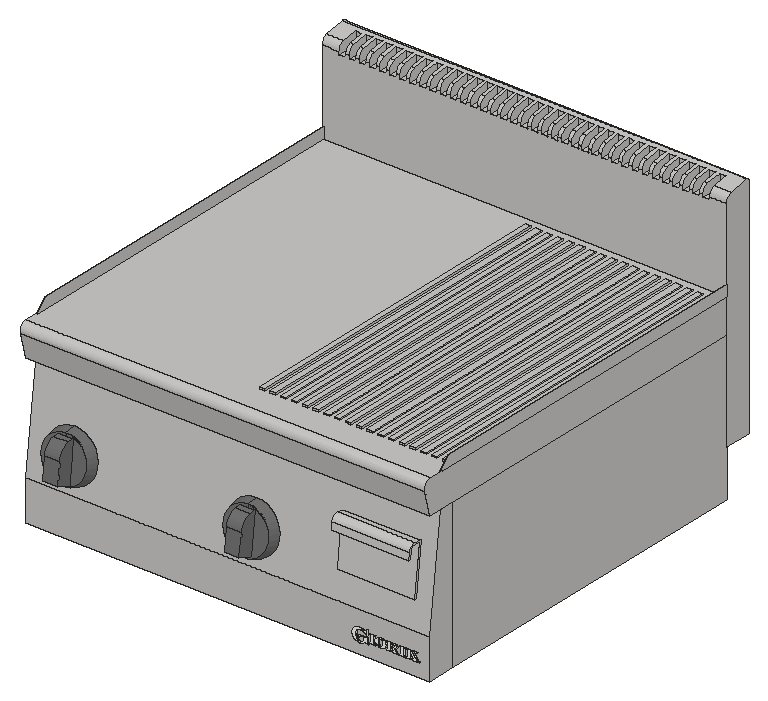
Revit family "QF_GIORIK_LGE6923", category Specialty Equipment, Revit 2014
Parameters (values of type "LGE6923")
  Weight in Pounds = 132.2772
  Watts = 7200 W
  Volts = 400 V
  URL Cutsheet = "www.giorik.com"
  URL = "www.giorik.com"
  Status [instance] = ""
  Specification by User [instance] = ""
  Specification by Manufacturer = ""
  Show Logo [instance] = yes
  Show Clearance [instance] = yes
  Serial Number = ""
  Seismic Rating = ""
  SMACNA No = ""
  Revision Code [instance] = ""
  Phase = 3
  Number of Poles [instance] = 3
  NAFEM Spec ID Number = ""
  Model = "LGE6923"
  Min Ckt Ampacity = 0 A
  Max Overcurrent Protection = 0 A
  Masterspec = ""
  Manufacturer = "GIORIK"
  Item Number [instance] = ""
  Installed By [instance] = ""
  Identify Quantity as Lot [instance] = no
  HP = "9.655344000000"
  Furnished By [instance] = ""
  Foodservice Equipment Identifier [instance] = yes
  FL Amps = 0 A
  Electrical Remarks [instance] = ""
  Electric Connection Type [instance] = ""
  Elec Conn RI Height [instance] = 0 mm
  Elec Conn Connection Height [instance] = 45 mm
  Description = "GRIDDLE SMOOTH RIBBED"
  Cycle = 50 Hz
  Conn Plug = ""
  CSI MasterFormat = ""
  Assembly Code = "E1090320"
  Apparent Power = 7200 VA
Reference planes
  plane 1 "Back": y = 0
  plane 2: z = 0
  plane 3 "Left": x = 0
  plane 4 "Right": x = 600
  plane 5 "Front": y = -600
  plane 6 "Top": z = 430
Forms (mm)
  Extrusion 1, solid
    sketch origin (0, 1000, -580) x (0, 1, 0) y (0, 0, 1)
      loop
        line (-1040.007, 869.975) -> (-1589.445, 869.975)
        arc (-1589.445, 869.975) -> (-1598.171, 865.672) -> (-1600.069, 856.13) r 10.999
        line (-1600.069, 856.13) -> (-1590.388, 820) -> (-1040.007, 820) -> (-1040.007, 869.975)
    from 0 to 600
  Extrusion 2, solid
    sketch origin (0, 0, -560) x (0, 1, 0) y (0, 0, 1)
      loop
        line (-570.06, 849.975) -> (-40.007, 849.975) -> (-40.007, 865.387) -> (-554.648, 865.387) -> (-570.06, 849.975)
    from 0 to 1.85
  Extrusion 3, solid
    sketch origin (0, 0, -560) x (0, 1, 0) y (0, 0, 1)
      loop
        line (-40.007, 800) -> (-550, 800) -> (-550, 580) -> (-40.007, 580) -> (-40.007, 800)
    from 0 to 600
  Extrusion 4, solid
    sketch origin (0, 0, -560) x (0, 1, 0) y (0, 0, 1)
      loop
        line (-550, 800) -> (-570.5, 800) -> (-590, 640) -> (-590, 580) -> (-550, 580) -> (-550, 800)
    from 0 to 600
  Revolve 5, solid
    sketch origin (75.155, 0.456, -560.03) x (0, 1, 0) y (0, 0, 1)
      loop
        line (-598.03, 706.389) -> (-594.27, 737.013) -> (-609.648, 734.852) -> (-613.772, 701.269) -> (-581.482, 697.305) -> (-580.629, 704.252) -> (-598.03, 706.389)
      axis (-581.482, 697.305) -> (-613.772, 701.269)
    angle from 0 to 360
  Extrusion 6, solid
    sketch origin (598.094, 0, -560) x (0, 1, 0) y (0, 0, 1)
      loop
        line (-570.06, 849.975) -> (-40.007, 849.975) -> (-40.007, 865.387) -> (-554.648, 865.387) -> (-570.06, 849.975)
    from -0.15 to 1.906
  Extrusion 7, solid
    sketch origin (0, 0, -560) x (0, 1, 0) y (0, 0, 1)
      loop
        line (-40.007, 974.217) -> (-40.007, 650.827) -> (0, 650.827) -> (0, 988.42)
        arc (0, 988.42) -> (-0.57, 989.648) -> (-1.878, 990) r 1.6
        line (-1.878, 990) -> (-31.072, 984.852)
        arc (-31.072, 984.852) -> (-37.477, 981.162) -> (-40.007, 974.217) r 10.797
    from 0 to 600
  Extrusion 8, solid
    sketch origin (-87.831, 0.456, -560.03) x (0, 1, 0) y (0, 0, 1)
      loop
        line (-635.843, 711.553) -> (-639.647, 680.575) -> (-617.415, 671.593) -> (-610.135, 730.882) -> (-617.934, 729.786)
        arc (-617.934, 729.786) -> (-629.982, 723.708) -> (-635.843, 711.553) r 20.998
    from 151.831 to 173.831
  Revolve 9, solid
    sketch origin (345.155, 0.456, -560.03) x (0, 1, 0) y (0, 0, 1)
      loop
        line (-598.03, 706.389) -> (-594.27, 737.013) -> (-609.648, 734.852) -> (-613.772, 701.269) -> (-581.482, 697.305) -> (-580.629, 704.252) -> (-598.03, 706.389)
      axis (-581.482, 697.305) -> (-613.772, 701.269)
    angle from 0 to 360
  Extrusion 10, solid
    sketch origin (182.169, 0.456, -560.03) x (0, 1, 0) y (0, 0, 1)
      loop
        line (-635.843, 711.553) -> (-639.647, 680.575) -> (-617.415, 671.593) -> (-610.135, 730.882) -> (-617.934, 729.786)
        arc (-617.934, 729.786) -> (-629.982, 723.708) -> (-635.843, 711.553) r 20.998
    from 151.831 to 173.831
  Extrusion 11, solid
    sketch origin (568.319, 0, -561) x (1, 0, 0) y (0, 0, 1)
      loop
        circle (-38.319, 606) r 12.5
    from 20.007 to 40.007
  Extrusion 12, solid, visible <- "Show Logo"
    sketch origin (391.604, -590.5, -6.113) x (-1, 0, 0) y (0, 0, 1)
      loop
        line (-118.824, 58.358) -> (-127.804, 58.358) -> (-125.523, 56.445) -> (-125.523, 48.027) -> (-127.804, 46.113) -> (-118.824, 46.113) -> (-121.105, 48.027) -> (-121.105, 56.445) -> (-118.824, 58.358)
      loop
        line (-163.721, 58.358) -> (-172.7, 58.358) -> (-170.42, 56.445) -> (-170.42, 48.027) -> (-172.7, 46.113) -> (-163.721, 46.113) -> (-166.001, 48.027) -> (-166.001, 56.445) -> (-163.721, 58.358)
      loop
        line (-174.332, 58.358) -> (-183.312, 58.358) -> (-181.031, 56.445) -> (-181.031, 52.435) -> (-186.419, 56.955) -> (-184.416, 58.358) -> (-191.268, 58.358) -> (-188.01, 56.839) -> (-185.455, 54.283) -> (-190.846, 47.858) -> (-193.396, 46.93) -> (-193.396, 46.113) -> (-184.416, 46.113) -> (-185.437, 47.571) -> (-182.443, 51.552) -> (-181.031, 50.894) -> (-181.031, 48.027) -> (-183.312, 46.113) -> (-174.332, 46.113) -> (-176.613, 48.027) -> (-176.613, 56.445) -> (-174.332, 58.358)
      loop
        line (-115.429, 62.063) -> (-115.429, 54.198)
        arc (-115.429, 54.198) -> (-111.618, 57.803) -> (-106.847, 59.986) r 16.039
        arc (-106.847, 59.986) -> (-103.314, 59.837) -> (-100.512, 57.68) r 5.851
        arc (-100.512, 57.68) -> (-98.815, 52.267) -> (-100.512, 46.853) r 9.479
        arc (-100.512, 46.853) -> (-102.406, 44.986) -> (-104.846, 43.93) r 7.236
        arc (-104.846, 43.93) -> (-107.728, 44.111) -> (-110.052, 45.825) r 5.11
        line (-110.052, 45.825) -> (-110.052, 52.001) -> (-116.141, 52.001) -> (-116.141, 45.503) -> (-117.893, 43.751) -> (-114.094, 44.769)
        arc (-114.094, 44.769) -> (-112.56, 44.947) -> (-111.129, 44.366) r 3.115
        arc (-111.129, 44.366) -> (-104.216, 42.091) -> (-97.303, 44.366) r 11.641
        arc (-97.303, 44.366) -> (-93.396, 52.107) -> (-97.303, 59.849) r 9.622
        arc (-97.303, 59.849) -> (-104.369, 62.174) -> (-111.435, 59.849) r 11.898
        line (-111.435, 59.849) -> (-115.429, 62.063)
      loop
        arc (-129.234, 56.068) -> (-135.893, 58.628) -> (-142.552, 56.068) r 9.941
        arc (-142.552, 56.068) -> (-144.234, 52.286) -> (-142.552, 48.505) r 5.093
        arc (-142.552, 48.505) -> (-135.893, 45.945) -> (-129.234, 48.505) r 9.941
        arc (-129.234, 48.505) -> (-127.552, 52.286) -> (-129.234, 56.068) r 5.093
      loop
        arc (-132.628, 54.403) -> (-135.893, 57.668) -> (-139.158, 54.403) r 3.265
        line (-139.158, 54.403) -> (-139.158, 50.169)
        arc (-139.158, 50.169) -> (-135.893, 46.904) -> (-132.628, 50.169) r 3.265
        line (-132.628, 50.169) -> (-132.628, 54.403)
      loop
        arc (-156.363, 58.365) -> (-159.647, 55.081) -> (-156.363, 51.796) r 3.285
        line (-156.363, 51.796) -> (-159.529, 47.306) -> (-162.087, 46.113) -> (-155.847, 46.113) -> (-153.529, 51.083) -> (-150.637, 51.083) -> (-150.637, 47.784) -> (-153.022, 46.113) -> (-144.011, 46.113) -> (-146.094, 47.68) -> (-146.094, 56.493) -> (-144.229, 58.365) -> (-156.363, 58.365)
      loop
        line (-150.637, 57.512) -> (-153.637, 57.512)
        arc (-153.637, 57.512) -> (-156.237, 54.912) -> (-153.637, 52.312) r 2.6
        line (-153.637, 52.312) -> (-150.637, 52.312) -> (-150.637, 57.512)
      loop
        line (-108.924, 52.001) -> (-104.936, 49.005) -> (-100.948, 52.001) -> (-108.924, 52.001)
    from 1.5 to -0.5
  Extrusion 13, void
    sketch origin (10, 0, 430) x (0, 1, 0) y (-1, 0, 0)
      loop
        line (-40.007, -25) -> (-9.931, -25) -> (-9.931, -15) -> (-40.007, -15) -> (-40.007, -25)
      loop
        line (-40.007, -40) -> (-9.931, -40) -> (-9.931, -30) -> (-40.007, -30) -> (-40.007, -40)
      loop
        line (-40.007, -55) -> (-9.931, -55) -> (-9.931, -45) -> (-40.007, -45) -> (-40.007, -55)
      loop
        line (-40.007, -70) -> (-9.931, -70) -> (-9.931, -60) -> (-40.007, -60) -> (-40.007, -70)
      loop
        line (-40.007, -85) -> (-9.931, -85) -> (-9.931, -75) -> (-40.007, -75) -> (-40.007, -85)
      loop
        line (-40.007, -100) -> (-9.931, -100) -> (-9.931, -90) -> (-40.007, -90) -> (-40.007, -100)
      loop
        line (-40.007, -115) -> (-9.931, -115) -> (-9.931, -105) -> (-40.007, -105) -> (-40.007, -115)
      loop
        line (-40.007, -130) -> (-9.931, -130) -> (-9.931, -120) -> (-40.007, -120) -> (-40.007, -130)
      loop
        line (-40.007, -145) -> (-9.931, -145) -> (-9.931, -135) -> (-40.007, -135) -> (-40.007, -145)
      loop
        line (-40.007, -160) -> (-9.931, -160) -> (-9.931, -150) -> (-40.007, -150) -> (-40.007, -160)
      loop
        line (-40.007, -175) -> (-9.931, -175) -> (-9.931, -165) -> (-40.007, -165) -> (-40.007, -175)
      loop
        line (-40.007, -190) -> (-9.931, -190) -> (-9.931, -180) -> (-40.007, -180) -> (-40.007, -190)
      loop
        line (-40.007, -205) -> (-9.931, -205) -> (-9.931, -195) -> (-40.007, -195) -> (-40.007, -205)
      loop
        line (-40.007, -220) -> (-9.931, -220) -> (-9.931, -210) -> (-40.007, -210) -> (-40.007, -220)
      loop
        line (-40.007, -235) -> (-9.931, -235) -> (-9.931, -225) -> (-40.007, -225) -> (-40.007, -235)
      loop
        line (-40.007, -250) -> (-9.931, -250) -> (-9.931, -240) -> (-40.007, -240) -> (-40.007, -250)
      loop
        line (-40.007, -265) -> (-9.931, -265) -> (-9.931, -255) -> (-40.007, -255) -> (-40.007, -265)
      loop
        line (-40.007, -280) -> (-9.931, -280) -> (-9.931, -270) -> (-40.007, -270) -> (-40.007, -280)
      loop
        line (-40.007, -295) -> (-9.931, -295) -> (-9.931, -285) -> (-40.007, -285) -> (-40.007, -295)
      loop
        line (-40.007, -310) -> (-9.931, -310) -> (-9.931, -300) -> (-40.007, -300) -> (-40.007, -310)
      loop
        line (-40.007, -325) -> (-9.931, -325) -> (-9.931, -315) -> (-40.007, -315) -> (-40.007, -325)
      loop
        line (-40.007, -340) -> (-9.931, -340) -> (-9.931, -330) -> (-40.007, -330) -> (-40.007, -340)
      loop
        line (-40.007, -355) -> (-9.931, -355) -> (-9.931, -345) -> (-40.007, -345) -> (-40.007, -355)
      loop
        line (-40.007, -370) -> (-9.931, -370) -> (-9.931, -360) -> (-40.007, -360) -> (-40.007, -370)
      loop
        line (-40.007, -385) -> (-9.931, -385) -> (-9.931, -375) -> (-40.007, -375) -> (-40.007, -385)
      loop
        line (-40.007, -400) -> (-9.931, -400) -> (-9.931, -390) -> (-40.007, -390) -> (-40.007, -400)
      loop
        line (-40.007, -415) -> (-9.931, -415) -> (-9.931, -405) -> (-40.007, -405) -> (-40.007, -415)
      loop
        line (-40.007, -430) -> (-9.931, -430) -> (-9.931, -420) -> (-40.007, -420) -> (-40.007, -430)
      loop
        line (-40.007, -445) -> (-9.931, -445) -> (-9.931, -435) -> (-40.007, -435) -> (-40.007, -445)
      loop
        line (-40.007, -460) -> (-9.931, -460) -> (-9.931, -450) -> (-40.007, -450) -> (-40.007, -460)
      loop
        line (-40.007, -475) -> (-9.931, -475) -> (-9.931, -465) -> (-40.007, -465) -> (-40.007, -475)
      loop
        line (-40.007, -490) -> (-9.931, -490) -> (-9.931, -480) -> (-40.007, -480) -> (-40.007, -490)
      loop
        line (-40.007, -505) -> (-9.931, -505) -> (-9.931, -495) -> (-40.007, -495) -> (-40.007, -505)
      loop
        line (-40.007, -520) -> (-9.931, -520) -> (-9.931, -510) -> (-40.007, -510) -> (-40.007, -520)
      loop
        line (-40.007, -535) -> (-9.931, -535) -> (-9.931, -525) -> (-40.007, -525) -> (-40.007, -535)
      loop
        line (-40.007, -550) -> (-9.931, -550) -> (-9.931, -540) -> (-40.007, -540) -> (-40.007, -550)
      loop
        line (-40.007, -565) -> (-9.931, -565) -> (-9.931, -555) -> (-40.007, -555) -> (-40.007, -565)
    from 0 to -20
  Extrusion 14, solid
    sketch origin (566.603, 15.293, -30) x (0, 1, 0) y (-1, 0, 0)
      loop
        circle (-79.293, 516.603) r 5
    from 41.965 to 50
  Revolve 15, solid
    sketch origin (50, 19.943, -600) x (0, 1, 0) y (0, 0, 1)
      loop
        line (-83.943, 611.965) -> (-94.752, 611.965) -> (-97.943, 600) -> (-83.943, 600) -> (-83.943, 611.965)
      axis (-83.943, 611.965) -> (-83.943, 600)
    angle from 0 to 360
  Extrusion 16, solid
    sketch origin (33.397, 15.293, -30) x (0, 1, 0) y (-1, 0, 0)
      loop
        circle (-79.293, -516.603) r 5
    from 41.965 to 50
  Revolve 17, solid
    sketch origin (550, 19.943, -600) x (0, 1, 0) y (0, 0, -1)
      loop
        line (-83.943, -611.965) -> (-83.943, -600) -> (-97.943, -600) -> (-94.752, -611.965) -> (-83.943, -611.965)
      axis (-83.943, -611.965) -> (-83.943, -600)
    angle from 0 to 360
  Extrusion 18, solid
    sketch origin (566.603, -459.707, -30) x (0, 1, 0) y (-1, 0, 0)
      loop
        circle (-79.293, 516.603) r 5
    from 41.965 to 50
  Revolve 19, solid
    sketch origin (50, -455.057, -600) x (0, 1, 0) y (0, 0, 1)
      loop
        line (-83.943, 611.965) -> (-94.752, 611.965) -> (-97.943, 600) -> (-83.943, 600) -> (-83.943, 611.965)
      axis (-83.943, 611.965) -> (-83.943, 600)
    angle from 0 to 360
  Extrusion 20, solid
    sketch origin (33.397, -459.707, -30) x (0, 1, 0) y (-1, 0, 0)
      loop
        circle (-79.293, -516.603) r 5
    from 41.965 to 50
  Revolve 21, solid
    sketch origin (550, -455.057, -600) x (0, 1, 0) y (0, 0, -1)
      loop
        line (-83.943, -611.965) -> (-83.943, -600) -> (-97.943, -600) -> (-94.752, -611.965) -> (-83.943, -611.965)
      axis (-83.943, -611.965) -> (-83.943, -600)
    angle from 0 to 360
  Extrusion 22, solid
    sketch origin (322.5, -693.34, -437.283) x (0, 0.992655, -0.12098) y (0, 0.12098, 0.992655)
      loop
        line (40, 640.1) -> (30, 640.1)
        arc (30, 640.1) -> (22.929, 637.171) -> (20, 630.1) r 10
        line (20, 630.1) -> (20, 620.1) -> (22, 620.1) -> (22, 630.1)
        arc (22, 630.1) -> (24.343, 635.757) -> (30, 638.1) r 8
        line (30, 638.1) -> (38, 638.1) -> (38, 565.1) -> (40, 565.1) -> (40, 640.1)
    from 137.5 to 252.5
  Extrusion 23, solid
    sketch origin (40, 80.719, -573.525) x (1, 0, 0) y (0, 1, 0)
      loop
        line (272.5, -135) -> (272.5, -628.345) -> (280.5, -628.345) -> (280.5, -135) -> (272.5, -135)
      loop
        line (288.5, -135) -> (288.5, -628.345) -> (296.5, -628.345) -> (296.5, -135) -> (288.5, -135)
      loop
        line (304.5, -135) -> (304.5, -628.345) -> (312.5, -628.345) -> (312.5, -135) -> (304.5, -135)
      loop
        line (320.5, -135) -> (320.5, -628.345) -> (328.5, -628.345) -> (328.5, -135) -> (320.5, -135)
      loop
        line (336.5, -135) -> (336.5, -628.345) -> (344.5, -628.345) -> (344.5, -135) -> (336.5, -135)
      loop
        line (352.5, -135) -> (352.5, -628.345) -> (360.5, -628.345) -> (360.5, -135) -> (352.5, -135)
      loop
        line (368.5, -135) -> (368.5, -628.345) -> (376.5, -628.345) -> (376.5, -135) -> (368.5, -135)
      loop
        line (384.5, -135) -> (384.5, -628.345) -> (392.5, -628.345) -> (392.5, -135) -> (384.5, -135)
      loop
        line (400.5, -135) -> (400.5, -628.345) -> (408.5, -628.345) -> (408.5, -135) -> (400.5, -135)
      loop
        line (416.5, -135) -> (416.5, -628.345) -> (424.5, -628.345) -> (424.5, -135) -> (416.5, -135)
      loop
        line (432.5, -135) -> (432.5, -628.345) -> (440.5, -628.345) -> (440.5, -135) -> (432.5, -135)
      loop
        line (448.5, -135) -> (448.5, -628.345) -> (456.5, -628.345) -> (456.5, -135) -> (448.5, -135)
      loop
        line (464.5, -135) -> (464.5, -628.345) -> (472.5, -628.345) -> (472.5, -135) -> (464.5, -135)
      loop
        line (480.5, -135) -> (480.5, -628.345) -> (488.5, -628.345) -> (488.5, -135) -> (480.5, -135)
      loop
        line (496.5, -135) -> (496.5, -628.345) -> (504.5, -628.345) -> (504.5, -135) -> (496.5, -135)
      loop
        line (512.5, -135) -> (512.5, -628.345) -> (520.5, -628.345) -> (520.5, -135) -> (512.5, -135)
      loop
        line (528.5, -135) -> (528.5, -628.345) -> (536.5, -628.345) -> (536.5, -135) -> (528.5, -135)
      loop
        line (544.5, -135) -> (544.5, -628.345) -> (552.5, -628.345) -> (552.5, -135) -> (544.5, -135)
    from 863.5 to 865.5
Cuts and joins
  Extrusion 13 cuts Extrusion 7
Lines and regions (mm)
  symbolic lines, style "200-EquipBorder-2D"
    curve 1: line (600, 0, 0) -> (0, 0, 0)
    curve 2: line (0, 0, 0) -> (0, -600, 0)
    curve 119: line (0, -600, 430) -> (600, -600, 430)
    curve 120: line (600, -600, 430) -> (600, 0, 430)
    curve 121: spline (64, -617.202, 990) -> (60.789, -617.041, 990) -> (57.73, -616.841, 990) -> (54.856, -616.604, 990) -> (52.196, -616.332, 990) -> (49.779, -616.028, 990) -> (47.63, -615.696, 990) -> (45.772, -615.338, 990) -> (44.225, -614.96, 990) -> (43.004, -614.563, 990) -> (42.122, -614.154, 990) -> (41.59, -613.736, 990) -> (41.412, -613.313, 990)
    curve 122: spline (109.073, -613.408, 990) -> (108.819, -613.826, 990) -> (108.218, -614.239, 990) -> (107.275, -614.643, 990) -> (106.001, -615.033, 990) -> (104.408, -615.405, 990) -> (102.513, -615.755, 990) -> (100.336, -616.08, 990) -> (97.898, -616.376, 990) -> (95.227, -616.641, 990) -> (92.348, -616.871, 990) -> (89.293, -617.065, 990) -> (86.091, -617.219, 990)
    curve 123: line (41.412, -613.313, 990) -> (37.735, -600, 990)
    curve 124: line (109.073, -613.408, 990) -> (112.578, -600, 990)
    curve 125: line (64, -639.19, 430) -> (64, -609.679, 430)
    curve 126: line (64, -639.19, 430) -> (86, -639.19, 430)
    curve 127: line (86, -639.19, 430) -> (86, -609.679, 430)
    curve 128: spline (41.412, -613.313, 430) -> (42.564, -612.264, 430) -> (45.941, -611.286, 430) -> (51.314, -610.446, 430) -> (58.316, -609.802, 430) -> (66.47, -609.396, 430) -> (75.22, -609.258, 430) -> (83.97, -609.396, 430) -> (92.124, -609.802, 430) -> (99.126, -610.446, 430) -> (104.499, -611.286, 430) -> (107.877, -612.264, 430) -> (109.029, -613.313, 430)
    curve 129: line (64, -609.679, 430) -> (86, -609.679, 430)
    curve 130: spline (334, -617.202, 990) -> (330.789, -617.041, 990) -> (327.73, -616.841, 990) -> (324.856, -616.604, 990) -> (322.196, -616.332, 990) -> (319.779, -616.028, 990) -> (317.63, -615.696, 990) -> (315.772, -615.338, 990) -> (314.225, -614.96, 990) -> (313.004, -614.563, 990) -> (312.122, -614.154, 990) -> (311.59, -613.736, 990) -> (311.412, -613.313, 990)
    curve 131: spline (379.073, -613.408, 990) -> (378.819, -613.826, 990) -> (378.218, -614.239, 990) -> (377.275, -614.643, 990) -> (376.001, -615.033, 990) -> (374.408, -615.405, 990) -> (372.513, -615.755, 990) -> (370.336, -616.08, 990) -> (367.898, -616.376, 990) -> (365.227, -616.641, 990) -> (362.348, -616.871, 990) -> (359.293, -617.065, 990) -> (356.091, -617.219, 990)
    curve 132: line (311.412, -613.313, 990) -> (307.735, -600, 990)
    curve 133: line (379.073, -613.408, 990) -> (382.578, -600, 990)
    curve 134: line (334, -639.19, 430) -> (334, -609.679, 430)
    curve 135: line (334, -639.19, 430) -> (356, -639.19, 430)
    curve 136: line (356, -639.19, 430) -> (356, -609.679, 430)
    curve 137: spline (311.412, -613.313, 430) -> (312.564, -612.264, 430) -> (315.941, -611.286, 430) -> (321.314, -610.446, 430) -> (328.316, -609.802, 430) -> (336.47, -609.396, 430) -> (345.22, -609.258, 430) -> (353.97, -609.396, 430) -> (362.124, -609.802, 430) -> (369.126, -610.446, 430) -> (374.499, -611.286, 430) -> (377.877, -612.264, 430) -> (379.029, -613.313, 430)
    curve 138: line (334, -609.679, 430) -> (356, -609.679, 430)
  symbolic lines, style "200-EquipInternal-2D"
    curve 3: line (600, -40.007, 430) -> (0, -40.007, 430)
    curve 4: line (597.944, -570.06, 430) -> (600, -570.06, 430)
    curve 5: line (597.944, -40.007, 430) -> (597.944, -570.06, 430)
    curve 6: line (0, -570.06, 430) -> (1.85, -570.06, 430)
    curve 7: line (1.85, -570.06, 430) -> (1.85, -40.007, 430)
    curve 8: line (25, -9.931, 290) -> (25, -40.007, 290)
    curve 9: line (35, -40.007, 290) -> (35, -9.931, 290)
    curve 10: line (40, -9.931, 290) -> (40, -40.007, 290)
    curve 11: line (50, -40.007, 290) -> (50, -9.931, 290)
    curve 12: line (55, -9.931, 290) -> (55, -40.007, 290)
    curve 13: line (65, -40.007, 290) -> (65, -9.931, 290)
    curve 14: line (85, -9.931, 290) -> (85, -40.007, 290)
    curve 15: line (95, -40.007, 290) -> (95, -9.931, 290)
    curve 16: line (100, -9.931, 290) -> (100, -40.007, 290)
    curve 17: line (110, -40.007, 290) -> (110, -9.931, 290)
    curve 18: line (140, -40.007, 290) -> (140, -9.931, 290)
    curve 19: line (130, -9.931, 290) -> (130, -40.007, 290)
    curve 20: line (155, -40.007, 290) -> (155, -9.931, 290)
    curve 21: line (160, -9.931, 290) -> (160, -40.007, 290)
    curve 22: line (170, -40.007, 290) -> (170, -9.931, 290)
    curve 23: line (145, -9.931, 290) -> (145, -40.007, 290)
    curve 24: line (200, -40.007, 290) -> (200, -9.931, 290)
    curve 25: line (190, -9.931, 290) -> (190, -40.007, 290)
    curve 26: line (205, -9.931, 290) -> (205, -40.007, 290)
    curve 27: line (215, -40.007, 290) -> (215, -9.931, 290)
    curve 28: line (220, -9.931, 290) -> (220, -40.007, 290)
    curve 29: line (230, -40.007, 290) -> (230, -9.931, 290)
    curve 30: line (250, -9.931, 290) -> (250, -40.007, 290)
    curve 31: line (260, -40.007, 290) -> (260, -9.931, 290)
    curve 32: line (265, -9.931, 290) -> (265, -40.007, 290)
    curve 33: line (275, -40.007, 290) -> (275, -9.931, 290)
    curve 34: line (280, -9.931, 290) -> (280, -40.007, 290)
    curve 35: line (290, -40.007, 290) -> (290, -9.931, 290)
    curve 36: line (320, -40.007, 290) -> (320, -9.931, 290)
    curve 37: line (310, -9.931, 290) -> (310, -40.007, 290)
    curve 38: line (335, -40.007, 290) -> (335, -9.931, 290)
    curve 39: line (325, -9.931, 290) -> (325, -40.007, 290)
    curve 40: line (340, -9.931, 290) -> (340, -40.007, 290)
    curve 41: line (350, -40.007, 290) -> (350, -9.931, 290)
    curve 42: line (370, -9.931, 290) -> (370, -40.007, 290)
    curve 43: line (380, -40.007, 290) -> (380, -9.931, 290)
    curve 44: line (385, -9.931, 290) -> (385, -40.007, 290)
    curve 45: line (395, -9.931, 290) -> (385, -9.931, 290)
    curve 46: line (380, -9.931, 290) -> (370, -9.931, 290)
    curve 47: line (350, -9.931, 290) -> (340, -9.931, 290)
    curve 48: line (335, -9.931, 290) -> (325, -9.931, 290)
    curve 49: line (320, -9.931, 290) -> (310, -9.931, 290)
    curve 50: line (275, -9.931, 290) -> (265, -9.931, 290)
    curve 51: line (110, -9.931, 290) -> (100, -9.931, 290)
    curve 52: line (95, -9.931, 290) -> (85, -9.931, 290)
    curve 53: line (65, -9.931, 290) -> (55, -9.931, 290)
    curve 54: line (35, -9.931, 290) -> (25, -9.931, 290)
    curve 55: line (140, -9.931, 290) -> (130, -9.931, 290)
    curve 56: line (155, -9.931, 290) -> (145, -9.931, 290)
    curve 57: line (170, -9.931, 290) -> (160, -9.931, 290)
    curve 58: line (200, -9.931, 290) -> (190, -9.931, 290)
    curve 59: line (215, -9.931, 290) -> (205, -9.931, 290)
    curve 60: line (230, -9.931, 290) -> (220, -9.931, 290)
    curve 61: line (260, -9.931, 290) -> (250, -9.931, 290)
    curve 62: line (50, -9.931, 290) -> (40, -9.931, 290)
    curve 63: line (70, -9.931, 430) -> (70, -40.007, 430)
    curve 64: line (80, -40.007, 430) -> (80, -9.931, 430)
    curve 65: line (80, -9.931, 430) -> (70, -9.931, 430)
    curve 66: line (115, -9.931, 430) -> (115, -40.007, 430)
    curve 67: line (125, -40.007, 430) -> (125, -9.931, 430)
    curve 68: line (125, -9.931, 430) -> (115, -9.931, 430)
    curve 69: line (175, -9.931, 430) -> (175, -40.007, 430)
    curve 70: line (185, -40.007, 430) -> (185, -9.931, 430)
    curve 71: line (185, -9.931, 430) -> (175, -9.931, 430)
    curve 72: line (235, -9.931, 430) -> (235, -40.007, 430)
    curve 73: line (245, -40.007, 430) -> (245, -9.931, 430)
    curve 74: line (245, -9.931, 430) -> (235, -9.931, 430)
    curve 75: line (290, -9.931, 430) -> (280, -9.931, 430)
    curve 76: line (305, -9.931, 430) -> (295, -9.931, 430)
    curve 77: line (295, -9.931, 430) -> (295, -40.007, 430)
    curve 78: line (305, -40.007, 430) -> (305, -9.931, 430)
    curve 79: line (355, -9.931, 430) -> (355, -40.007, 430)
    curve 80: line (365, -40.007, 430) -> (365, -9.931, 430)
    curve 81: line (365, -9.931, 430) -> (355, -9.931, 430)
    curve 82: line (395, -40.007, 430) -> (395, -9.931, 430)
    curve 83: line (400, -9.931, 430) -> (400, -40.007, 430)
    curve 84: line (410, -40.007, 430) -> (410, -9.931, 430)
    curve 85: line (410, -9.931, 430) -> (400, -9.931, 430)
    curve 86: line (425, -9.931, 430) -> (415, -9.931, 430)
    curve 87: line (415, -9.931, 430) -> (415, -40.007, 430)
    curve 88: line (425, -40.007, 430) -> (425, -9.931, 430)
    curve 89: line (430, -9.931, 430) -> (430, -40.007, 430)
    curve 90: line (440, -40.007, 430) -> (440, -9.931, 430)
    curve 91: line (440, -9.931, 430) -> (430, -9.931, 430)
    curve 92: line (445, -9.931, 430) -> (445, -40.007, 430)
    curve 93: line (455, -40.007, 430) -> (455, -9.931, 430)
    curve 94: line (460, -9.931, 430) -> (460, -40.007, 430)
    curve 95: line (470, -40.007, 430) -> (470, -9.931, 430)
    curve 96: line (475, -9.931, 430) -> (475, -40.007, 430)
    curve 97: line (485, -40.007, 430) -> (485, -9.931, 430)
    curve 98: line (490, -9.931, 430) -> (490, -40.007, 430)
    curve 99: line (500, -40.007, 430) -> (500, -9.931, 430)
    curve 100: line (505, -9.931, 430) -> (505, -40.007, 430)
    curve 101: line (515, -40.007, 430) -> (515, -9.931, 430)
    curve 102: line (520, -9.931, 430) -> (520, -40.007, 430)
    curve 103: line (530, -40.007, 430) -> (530, -9.931, 430)
    curve 104: line (535, -9.931, 430) -> (535, -40.007, 430)
    curve 105: line (545, -40.007, 430) -> (545, -9.931, 430)
    curve 106: line (550, -9.931, 430) -> (550, -40.007, 430)
    curve 107: line (560, -40.007, 430) -> (560, -9.931, 430)
    curve 108: line (565, -9.931, 430) -> (565, -40.007, 430)
    curve 109: line (455, -9.931, 430) -> (445, -9.931, 430)
    curve 110: line (470, -9.931, 430) -> (460, -9.931, 430)
    curve 111: line (485, -9.931, 430) -> (475, -9.931, 430)
    curve 112: line (500, -9.931, 430) -> (490, -9.931, 430)
    curve 113: line (515, -9.931, 430) -> (505, -9.931, 430)
    curve 114: line (530, -9.931, 430) -> (520, -9.931, 430)
    curve 115: line (545, -9.931, 430) -> (535, -9.931, 430)
    curve 116: line (560, -9.931, 430) -> (550, -9.931, 430)
    curve 117: line (575, -9.931, 430) -> (565, -9.931, 430)
    curve 118: line (575, -40.007, 430) -> (575, -9.931, 430)
    curve 139: line (328.5, -54.281, 290) -> (328.5, -547.626, 290)
    curve 140: line (320.5, -547.626, 290) -> (320.5, -54.281, 290)
    curve 141: line (312.5, -54.281, 290) -> (312.5, -547.626, 290)
    curve 142: line (320.5, -54.281, 290) -> (312.5, -54.281, 290)
    curve 143: line (336.5, -54.281, 290) -> (328.5, -54.281, 290)
    curve 144: line (320.5, -547.626, 290) -> (312.5, -547.626, 290)
    curve 145: line (336.5, -547.626, 430) -> (336.5, -54.281, 430)
    curve 146: line (328.5, -547.626, 430) -> (336.5, -547.626, 430)
    curve 147: line (344.5, -54.281, 430) -> (344.5, -547.626, 430)
    curve 148: line (352.5, -547.626, 430) -> (352.5, -54.281, 430)
    curve 149: line (360.5, -54.281, 430) -> (360.5, -547.626, 430)
    curve 150: line (368.5, -547.626, 430) -> (368.5, -54.281, 430)
    curve 151: line (376.5, -54.281, 430) -> (376.5, -547.626, 430)
    curve 152: line (384.5, -547.626, 430) -> (384.5, -54.281, 430)
    curve 153: line (392.5, -54.281, 430) -> (392.5, -547.626, 430)
    curve 154: line (400.5, -547.626, 430) -> (400.5, -54.281, 430)
    curve 155: line (416.5, -547.626, 430) -> (416.5, -54.281, 430)
    curve 156: line (408.5, -54.281, 430) -> (408.5, -547.626, 430)
    curve 157: line (424.5, -54.281, 430) -> (424.5, -547.626, 430)
    curve 158: line (432.5, -547.626, 430) -> (432.5, -54.281, 430)
    curve 159: line (440.5, -54.281, 430) -> (440.5, -547.626, 430)
    curve 160: line (448.5, -547.626, 430) -> (448.5, -54.281, 430)
    curve 161: line (464.5, -547.626, 430) -> (464.5, -54.281, 430)
    curve 162: line (456.5, -54.281, 430) -> (456.5, -547.626, 430)
    curve 163: line (472.5, -54.281, 430) -> (472.5, -547.626, 430)
    curve 164: line (480.5, -547.626, 430) -> (480.5, -54.281, 430)
    curve 165: line (488.5, -54.281, 430) -> (488.5, -547.626, 430)
    curve 166: line (496.5, -547.626, 430) -> (496.5, -54.281, 430)
    curve 167: line (504.5, -54.281, 430) -> (504.5, -547.626, 430)
    curve 168: line (512.5, -547.626, 430) -> (512.5, -54.281, 430)
    curve 169: line (520.5, -54.281, 430) -> (520.5, -547.626, 430)
    curve 170: line (528.5, -547.626, 430) -> (528.5, -54.281, 430)
    curve 171: line (536.5, -54.281, 430) -> (536.5, -547.626, 430)
    curve 172: line (544.5, -547.626, 430) -> (544.5, -54.281, 430)
    curve 173: line (552.5, -54.281, 430) -> (552.5, -547.626, 430)
    curve 174: line (560.5, -547.626, 430) -> (560.5, -54.281, 430)
    curve 175: line (536.5, -547.626, 430) -> (544.5, -547.626, 430)
    curve 176: line (520.5, -547.626, 430) -> (528.5, -547.626, 430)
    curve 177: line (504.5, -547.626, 430) -> (512.5, -547.626, 430)
    curve 178: line (488.5, -547.626, 430) -> (496.5, -547.626, 430)
    curve 179: line (472.5, -547.626, 430) -> (480.5, -547.626, 430)
    curve 180: line (456.5, -547.626, 430) -> (464.5, -547.626, 430)
    curve 181: line (440.5, -547.626, 430) -> (448.5, -547.626, 430)
    curve 182: line (424.5, -547.626, 430) -> (432.5, -547.626, 430)
    curve 183: line (408.5, -547.626, 430) -> (416.5, -547.626, 430)
    curve 184: line (392.5, -547.626, 430) -> (400.5, -547.626, 430)
    curve 185: line (376.5, -547.626, 430) -> (384.5, -547.626, 430)
    curve 186: line (360.5, -547.626, 430) -> (368.5, -547.626, 430)
    curve 187: line (344.5, -547.626, 430) -> (352.5, -547.626, 430)
    curve 188: line (552.5, -547.626, 430) -> (560.5, -547.626, 430)
    curve 189: line (584.5, -547.626, 430) -> (592.5, -547.626, 430)
    curve 190: line (592.5, -547.626, 430) -> (592.5, -54.281, 430)
    curve 191: line (584.5, -54.281, 430) -> (584.5, -547.626, 430)
    curve 192: line (576.5, -547.626, 430) -> (576.5, -54.281, 430)
    curve 193: line (568.5, -54.281, 430) -> (568.5, -547.626, 430)
    curve 194: line (568.5, -547.626, 430) -> (576.5, -547.626, 430)
    curve 195: line (592.5, -54.281, 430) -> (584.5, -54.281, 430)
    curve 196: line (576.5, -54.281, 430) -> (568.5, -54.281, 430)
    curve 197: line (560.5, -54.281, 430) -> (552.5, -54.281, 430)
    curve 198: line (544.5, -54.281, 430) -> (536.5, -54.281, 430)
    curve 199: line (528.5, -54.281, 430) -> (520.5, -54.281, 430)
    curve 200: line (512.5, -54.281, 430) -> (504.5, -54.281, 430)
    curve 201: line (496.5, -54.281, 430) -> (488.5, -54.281, 430)
    curve 202: line (480.5, -54.281, 430) -> (472.5, -54.281, 430)
    curve 203: line (464.5, -54.281, 430) -> (456.5, -54.281, 430)
    curve 204: line (448.5, -54.281, 430) -> (440.5, -54.281, 430)
    curve 205: line (432.5, -54.281, 430) -> (424.5, -54.281, 430)
    curve 206: line (416.5, -54.281, 430) -> (408.5, -54.281, 430)
    curve 207: line (400.5, -54.281, 430) -> (392.5, -54.281, 430)
    curve 208: line (384.5, -54.281, 430) -> (376.5, -54.281, 430)
    curve 209: line (368.5, -54.281, 430) -> (360.5, -54.281, 430)
    curve 210: line (352.5, -54.281, 430) -> (344.5, -54.281, 430)
Dimensions and locks
  plane 3 "Left" to plane 4 "Right" = 600 mm
  plane 5 "Front" to plane 1 "Back" = 600 mm
  plane 4 "Right" to plane 3 "Left" = 600 mm
  plane 1 "Back" to plane 5 "Front" = 600 mm
  plane 6 "Top" to level = 430 mm  (x2)
  aligned and locked: level to plane 2
Connectors
  electrical at (530, -20.007, 45), driven by "Apparent Power", driven by "Volts", driven by "Number of Poles"
    settings: on Extrusion 11, index 1, voltage 400 V, apparent load 0 VA, apparent load phase1 7200 VA, apparent load phase2 0 VA, apparent load phase3 0 VA, power factor 1, load classification "Other", number of poles 3, system type 31, power factor state 1, is connector primary yes, connector utility no, sub classification motor no, connector description "Electrical connection"
